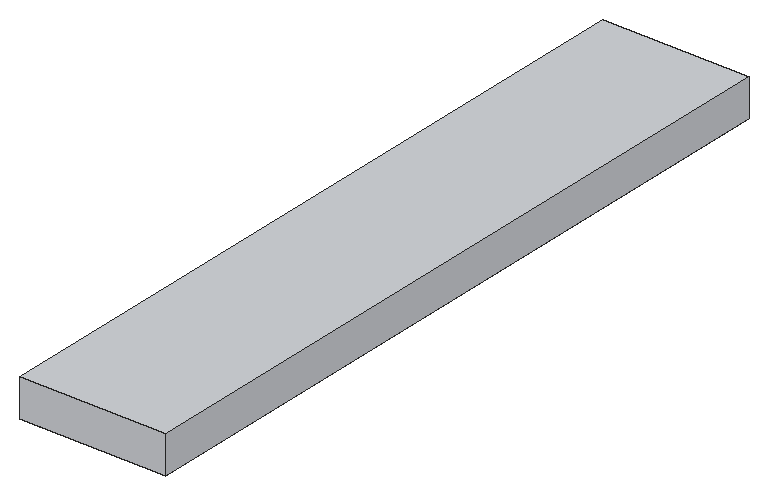
Revit family "ERK9989W_RAD767N", category 照明器具, Revit 2020
Family settings
  丸型コネクタ寸法 = 直径を使用
  パーツ タイプ = 標準
  OmniClass 番号 = 23.80.70.11.14
  OmniClass タイトル = General Luminaries, Directional
  作業面ベース = いいえ
  常に垂直 = はい
  ロード時にボイドで切り取り = はい
  光源 = はい
  共有 = いいえ
  部屋計算ポイント = いいえ
Parameters (values of type "ERK9989W_RAD767N")
  電源種別_記号 = "AC"
  電源種別 = ""
  防災用照明器具電源種別 = ""
  防災用照明器具種類 = ""
  運転質量 = 0.00 kg
  質量 = 0.00 kg
  負荷分類 = 8_照明
  積算_科目2 = "[1_1]照明"
  説明 = "ベースライト 下面開放 40Wタイプ W+220 埋込"
  誘導灯形式 = ""
  誘導灯仕様 = ""
  認定番号 = ""
  設置方法 = ""
  記号 = ""
  製造元 = "株式会社遠藤照明"
  製品質量 = 0.00 kg
  製品出荷対象 = ""
  製品リリース年月 = "2023.04"
  製品グループ = ""
  背面形式 = ""
  系統 [instance] = ""
  符号 = ""
  積算_科目 = "1 電灯設備"
  積算_拾い区分 = ""
  種別 [instance] = ""
  相 = 1
  皮相負荷 = 0 VA
  用途 = "E_一般照明"
  特殊仕様 [instance] = ""
  照明制御装置の種類 = ""
  法定耐用年数 = ""
  極数 = 1
  材質_本体 = none
  材質_反射板 = none
  材質_ルーバー = none
  材質_カバー = none
  材質 = ""
  既定の高さ = 0 mm
  形式 = "ベースライト"
  平均演色評価数(Ra) = 82
  定格消費電力 = 30.9 W
  定格入力電流 = 0 A
  定格入力電圧 = 0 V
  定格入力容量 = 0 VA
  定格光束 = 5094 lm
  安定器_蛍光灯 = ""
  安定器_定格電圧 = 0 V
  安定器_入力電流 = 0 A
  安定器_入力電力 = 0 W
  安定器_二次電圧 = 0 V
  埋込高さ = "58"
  埋込穴寸法 = "220x1235"
  固有エネルギー消費効率(lm/W) = 164.8
  器具サイズ = ""
  呼称 = "ベースライト"
  周波数 = 0 Hz
  参照している仕様書等のバージョン = ""
  分類コード = "40305100000000"
  分類グループ = ""
  公共型番 = "LRS3-4-48"
  傾斜角 = 90.00°
  価格 = 35300
  企業コード = "6932"
  付属品 = ""
  仕様書バージョン = ""
  仕様 = ""
  Wattage = 34.2933 W
  built-in parameter 1150110 = 1 (stored number, unit not read)
  built-in parameter 1114217 = 1 (stored number, unit not read)
  built-in parameter 1150109 = 1 (stored number, unit not read)
  built-in parameter 1150134 = 2
  ランプの種類 = "LED"
  ランプ_電流 = 0 A
  ランプ_本数 = 0
  ランプ_定格消費電力 = 0 W
  ランプ_定格消費効率(lm/W) = 0
  ランプ_大きさ = ""
  ランプ_全光束 = 0 lm
  ランプ = "LED"
  モデル = "ERK9989W_RAD767N"
  フォトメトリック Web ファイル = "ERK9989W_RAD767N.IES"
  イメージ(タイプ) = <なし>
  シンボル表示 = yes
  built-in parameter 1150113 = 1 (stored number, unit not read)
  Lumens = 5094 lm
  built-in parameter 1150115 = 1 (stored number, unit not read)
  built-in parameter 1150105 = 405.37 (stored number, unit not read)
  built-in parameter 1150137 = (empty or 0)
  built-in parameter 1150139 = (empty or 0)
  built-in parameter 1150112 = 1 (stored number, unit not read)
  built-in parameter 1150114 = 1 (stored number, unit not read)
  built-in parameter 1150132 = 2
  built-in parameter 1150102 = (empty or 0)
  built-in parameter 1150138 = (empty or 0)
  built-in parameter 1150107 = 5000 (stored number, unit not read)
  built-in parameter 1150106 = 4.0537 (stored number, unit not read)
  built-in parameter 1150104 = 13.8 (stored number, unit not read)
  Dimming Lamp Color Temperature Shift = (empty or 0)
  サービススペース表示 = no
  コメント = ""
  グレア分類 = ""
  Keynote = ""
  Color Filter = 16777215
  built-in parameter 1114218 = 1 (stored number, unit not read)
  built-in parameter 1150133 = 10 (stored number, unit not read)
  カバー形状 = ""
  built-in parameter 1150142 = "IESNA:LM-63-2002\r\n[TEST] ERK9989W_RAD767N  IJA3K(update:11111111)\r\n[MANUFAC] ENDO LIGHTING CORP.\r\n[LUMCAT] ERK9989W_RAD767N\r\n[LAMP] SDseries_5200lmÀ²Ìß_5000K 5000K\r\n[LAMPCAT] SDseries_5200lmÀ²??_5000K 5273 lm x1 5000K\r\nTILT=NONE\r\n1 5273 1.0 19 19 1 2 0 0 0\r\n1 1 0\r\n0 5 10 15 20 25 30 35 40 45 50 55 60 65 70 75 80 85 90 \r\n0 5 10 15 20 25 30 35 40 45 50 55 60 65 70 75 80 85 90 \r\n1714.9406 1714.5784 1693.7131 1658.8651 1609.7447 1549.2497 1476.6558 1389.4272 1292.9976 1189.9751 1081.0842 965.9627 847.581 728.4024 605.6303 466.6514 319.5291 165.4808\r\n1.613\r\n1714.9406 1713.4917 1692.409 1657.7784 1608.8028 1547.9457 1475.5691 1388.6303 1292.2731 1189.0332 1080.3597 965.2382 846.6392 727.3157 604.3479 466.1152 318.9785 165.2417\r\n1.6167\r\n1714.9406 1712.1876 1691.3223 1656.2569 1607.1365 1546.2793 1474.0477 1387.0364 1290.3894 1187.222 1078.3311 963.2097 844.1035 724.7075 601.9644 464.1374 317.1093 164.4013\r\n1.6222\r\n1714.9406 1711.2457 1690.1631 1654.808 1605.5426 1544.3232 1471.8742 1384.6456 1287.6363 1184.1067 1074.6362 959.5872 839.6841 719.8244 597.1972 460.5656 313.8636 162.8437\r\n1.6295\r\n1714.9406 1710.3764 1688.9314 1653.9386 1604.0212 1542.0773 1470.2079 1382.3997 1284.7384 1179.6873 1069.7097 953.7188 833.5984 713.2243 590.5971 455.7043 309.3211 160.5543\r\n1.6368\r\n1714.9406 1707.9855 1686.3233 1650.7508 1601.1232 1538.8171 1466.3681 1378.7772 1280.8986 1175.2679 1064.5658 947.9954 826.4984 704.6101 582.7147 449.691 303.7135 157.5259\r\n1.646\r\n1714.9406 1706.1743 1684.3672 1648.2151 1598.0079 1534.7599 1461.0793 1374.2129 1275.5374 1168.6751 1057.973 941.4025 818.3841 694.8947 572.9993 442.2143 297.1496 153.7151\r\n1.6552\r\n1714.9406 1704.6529 1682.7008 1646.0416 1594.8926 1530.7028 1455.7181 1369.2139 1269.3067 1161.5751 1049.7138 932.0566 809.0382 684.8171 562.1826 432.3323 289.4483 149.0059\r\n1.6662\r\n1714.9406 1705.0151 1682.1212 1644.7375 1592.864 1527.8048 1451.0089 1364.4323 1263.6557 1154.7649 1040.7301 922.1311 799.1851 673.6309 550.0909 420.9288 280.979 143.4128\r\n1.6772\r\n1714.9406 1705.2325 1682.3386 1644.3753 1591.56 1525.5589 1447.5313 1359.3609 1258.8741 1148.7516 1032.326 912.4229 787.8106 661.3508 536.1589 408.3589 271.6114 136.8345\r\n1.69\r\n1714.9406 1705.3774 1682.1212 1643.4335 1589.7487 1523.0232 1443.6191 1353.9996 1254.672 1143.2455 1025.7332 903.077 777.0157 648.5201 521.6764 395.1079 261.6641 129.3867\r\n1.701\r\n1714.9406 1705.2325 1681.759 1642.9263 1588.2998 1520.6324 1440.1415 1349.0731 1248.2241 1138.4638 1019.5025 894.8178 766.8728 636.6095 507.5633 380.6616 251.4343 120.9754\r\n1.7102\r\n1714.9406 1704.508 1680.6723 1641.0426 1585.6916 1517.1548 1436.1568 1344.1466 1241.8486 1132.3781 1013.9964 888.08 757.0198 624.8728 493.8125 364.1288 238.8064 111.8106\r\n1.7102\r\n1714.9406 1705.2325 1680.8172 1640.6804 1584.6049 1515.4885 1433.4038 1340.669 1237.0669 1125.7852 1008.8525 882.9361 750.2096 614.7951 481.3513 348.6174 225.4396 102.7907\r\n1.701\r\n1714.9406 1707.9855 1683.5702 1643.0712 1586.2712 1515.8507 1432.6793 1338.7854 1234.5312 1121.5832 1002.8393 878.1545 746.2249 607.4633 470.1651 334.7434 210.1529 93.8867\r\n1.69\r\n1714.9406 1708.1304 1683.5702 1642.709 1585.5467 1515.1263 1432.0997 1337.1915 1232.2853 1118.4679 998.5648 871.4168 740.3565 603.9785 462.471 322.6662 194.388 84.9392\r\n1.6754\r\n1714.9406 1707.9855 1683.0631 1642.2018 1584.6049 1513.4599 1429.9262 1334.9456 1229.17 1115.2077 994.3627 867.3596 734.4881 597.0161 459.3557 316.3414 181.9992 73.869\r\n1.6607\r\n1714.9406 1704.1457 1679.2233 1638.1447 1580.5477 1509.4752 1426.0864 1331.1058 1225.1853 1110.0638 988.7117 860.1872 726.3738 588.9453 450.1909 309.9586 175.8193 62.5974\r\n1.646\r\n1714.9406 1697.3355 1672.4131 1630.9722 1573.81 1503.0273 1419.8558 1325.2374 1219.6792 1105.2822 983.2056 855.2606 721.1068 582.1641 442.8519 302.0037 169.48 58.8032\r\n1.6387\r\n"
  diameter = 0 mm
  Width = 250 mm
  Version = ""
  Uniclass2015Version = ""
  Uniclass2015Title = ""
  Uniclass2015Code = ""
  URL = "https://www.endo-lighting.co.jp/"
  SpecificationReference = ""
  SpecificationDescription = ""
  Revision = ""
  ProductInformation = ""
  OmniClassCode = "23.80.70.11.14"
  LED制御装置 = ""
  IfcTypeProduct = ""
  IfcProduct = ""
  IfcExportType = ""
  IfcExportAs = "IfcLightFixtureType"
  Height = 64 mm
  Depth = 1254 mm
  Clearance Top = 0 mm
  Clearance Right = 0 mm
  Clearance Left = 0 mm
  Clearance Front = 0 mm
  Clearance Bottom = 0 mm
  Clearance Back = 0 mm
  Author = "遠藤照明"
Reference planes
  plane 1 "光源軸(正面/背面)": y = 0
  plane 2: z = 0
  plane 3 "光源軸(左/右)": x = 0
  plane 4 "光源高さ": z = -5
  plane 5: x = 125
  plane 6: x = -125
  plane 7: y = 627
  plane 8: y = -627
  plane 9: z = 64
  plane 10: z = 0
  plane 11: z = 62
  plane 12: z = -2
Forms (mm)
  Extrusion 1, solid
    sketch origin (0, 0, 0) x (1, 0, 0) y (0, 0, 1)
      loop
        line (-125, 64) -> (-125, 0) -> (125, 0) -> (125, 64) -> (-125, 64)
    from 627 to -627
  Extrusion 2, solid, material "発光面"
    sketch origin (0, 0, 0) x (1, 0, 0) y (0, 0, 1)
      loop
        line (-125, -2) -> (125, -2) -> (125, 0) -> (-125, 0) -> (-125, -2)
    from 627 to -627
  Extrusion 3, void
    sketch origin (-20, -18.5, 0) x (1, 0, 0) y (0, 1, 0)
      loop
        line (-105, -608.5) -> (145, -608.5) -> (145, 645.5) -> (-105, 645.5) -> (-105, -608.5)
    from 64 <- "Height" to 0
Lines and regions (mm)
  symbolic lines, detail levels fine
    curve 1: line (-125, 627, 0) -> (-125, -627, 0)
    curve 2: line (125, -627, 0) -> (125, 627, 0)
    curve 3: line (125, 627, 0) -> (-125, 627, 0)
    curve 4: line (-125, -627, 0) -> (125, -627, 0)
Dimensions and locks
  equal spacing: plane 6, plane 3 "光源軸(左/右)", plane 5
  "Width": plane 6 to plane 5
  equal spacing: plane 8, plane 1 "光源軸(正面/背面)", plane 7
  "Depth": plane 8 to plane 7
  "Height": plane 9 to plane 2
  locked: plane 9 to plane 11 at 2
  plane 10 to plane 4 "光源高さ" = 5 mm
  aligned and locked: plane 3 "光源軸(左/右)" to imposter light
  aligned and locked: plane 1 "光源軸(正面/背面)" to imposter light
  aligned and locked: plane 4 "光源高さ" to imposter light
  aligned and locked: level to plane 2
  aligned and locked: plane 6 to Extrusion 1 sketch curve
  aligned and locked: plane 2 to Extrusion 1 sketch curve
  aligned and locked: plane 5 to Extrusion 1 sketch curve
  aligned and locked: plane 7 to Extrusion 1
  aligned and locked: plane 8 to Extrusion 1
  aligned and locked: plane 7 to Extrusion 2
  aligned and locked: plane 8 to Extrusion 2
  aligned and locked: plane 12 to Extrusion 2 sketch curve
  aligned and locked: plane 6 to Extrusion 2 sketch curve
  aligned and locked: Extrusion 2 sketch curve to Extrusion 1  (x2)
  aligned and locked: Extrusion 3 to Extrusion 1  (x2)
  aligned and locked: Extrusion 3 sketch curve to Extrusion 1
Automatic sketch dimensions
  plane 9 to Extrusion 1 sketch curve = 0 mm
  Extrusion 3 sketch curve to plane 6 = 0 mm
  Extrusion 3 sketch curve to plane 5 = 0 mm
  Extrusion 3 sketch curve to plane 1 "光源軸(正面/背面)" = 627 mm
  curve 1 to plane 7 = 0 mm
  curve 1 to plane 6 = 0 mm
  curve 3 to plane 5 = 0 mm
  plane 8 to curve 2 = 0 mm
Nested families
  nested 1: "symbol_line" at (0, 0, 0) x (0, -1, 0) z (0, 0, 1), visible <- "シンボル表示", type "1/100", detail levels coarse+medium
Connectors
  electrical at (0, 0, 64), driven by "極数", driven by "負荷分類", driven by "皮相負荷", driven by "定格入力電圧"
    settings: on Extrusion 1, index 1, voltage 0 V, apparent load 0 VA, apparent load phase1 0 VA, apparent load phase2 0 VA, apparent load phase3 0 VA, power factor 1, load classification "8_照明", number of poles 1, system type 30, power factor state 1, is connector primary yes, connector utility no, sub classification motor no, connector description ""
Definition of nested family "symbol_line"
  Parameters (values of type "1/100")
    縮尺倍率 = if([縮尺1/50], 1.25, if([縮尺1/100], 1, if([縮尺1/200], 0.8, 0)))  # 1
    縮尺1/50 = no
    縮尺1/200 = no
    縮尺1/100 = yes
    W = 12 mm * 縮尺倍率  # 12 mm
    D = 1.5 mm * 縮尺倍率  # 1.5 mm
  Reference planes
    plane 1: y = 0
    plane 2: x = 0
  Lines and regions (mm)
    Masking region 1
      outline origin (0, 0, 0) x (1, 0, 0) y (0, 1, 0)
        loop
          line (-6, 0.75) -> (-6, -0.75) -> (6, -0.75) -> (6, 0.75) -> (-6, 0.75)
    reference lines
      curve 1: line (-304.8, 0.75, 0) -> (304.8, 0.75, 0)
      curve 2: line (304.8, -0.75, 0) -> (-304.8, -0.75, 0)
      curve 3: line (-6, -304.8, 0) -> (-6, 304.8, 0)
      curve 4: line (6, 304.8, 0) -> (6, -304.8, 0)
      curve 5: line (-6, 0.75, 0) -> (6, 0.75, 0)
      curve 6: line (-6, -0.75, 0) -> (-6, 0.75, 0)
      curve 7: line (6, 0.75, 0) -> (6, -0.75, 0)
    detail lines
      curve 8: line (-6, 0.75, 0) -> (6, 0.75, 0)
      curve 9: line (-6, -0.75, 0) -> (-6, 0.75, 0)
      curve 10: line (6, 0.75, 0) -> (6, -0.75, 0)
      curve 11: line (6, -0.75, 0) -> (-6, -0.75, 0)
  Dimensions and locks
    equal spacing: curve 2, plane 1, curve 1, locked at 0.75 each
    equal spacing: curve 3, plane 2, curve 4, locked at 6 each
    "W": curve 3 to curve 4
    "D": curve 2 to curve 1
    aligned and locked: curve 1 to curve 5
    aligned and locked: curve 3 to curve 6
    aligned and locked: curve 4 to curve 7
    aligned and locked: curve 9 to curve 6
    aligned and locked: curve 10 to curve 7
    aligned and locked: curve 1 to curve 8
    aligned and locked: curve 2 to curve 11
    aligned and locked: Masking region 1 sketch curve to curve 8
    aligned and locked: Masking region 1 sketch curve to curve 10
    aligned and locked: Masking region 1 sketch curve to curve 11
    aligned and locked: Masking region 1 sketch curve to curve 9
  Automatic sketch dimensions
    curve 1 to curve 5 = 298.8 mm
    curve 2 to curve 1 = 0 mm  (x2)
    curve 5 to curve 1 = 298.8 mm
    curve 4 to curve 7 = 304.05 mm
    curve 3 to curve 4 = 0 mm  (x2)
    curve 5 to curve 3 = 304.05 mm
